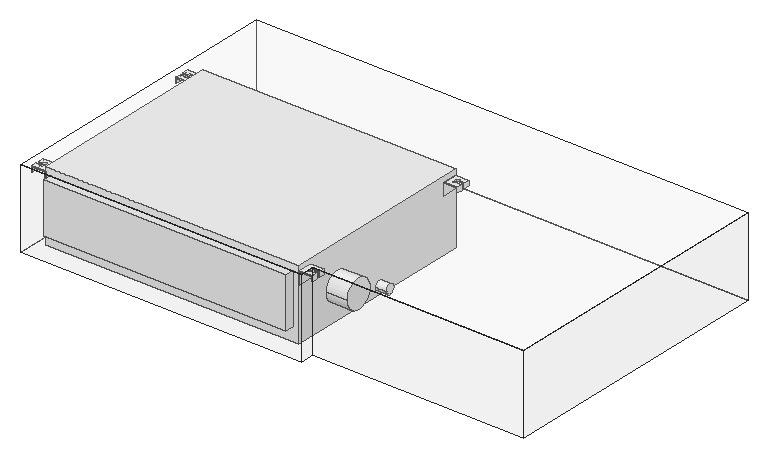
Revit family "pe-rp50_160da17_50Hz", category 機械設備, Revit 2019
Family settings
  丸型コネクタ寸法 = 直径を使用
  パーツ タイプ = 標準
  OmniClass 番号 = 23.75.10.24.21.27.27
  OmniClass タイトル = Split System Air Conditioning Units
  作業面ベース = いいえ
  常に垂直 = はい
  ロード時にボイドで切り取り = いいえ
  共有 = いいえ
  部屋計算ポイント = はい
Parameters (values of type "PE-RP50DA17_50Hz")
  風量（弱）（m3／min） = 12
  風量（中）（m3／min） = 14.5
  風量（m3／min） = 17
  風量 = MAX風量  # 1020.0 m³/h
  音響パワーレベル（弱）(dB) = 51
  音響パワーレベル（中）(dB) = 53
  音響パワーレベル(dB) = 56
  電源種別 = "一般"
  電圧_電気ヒーター = 0 V
  電圧 = 200 V
  電動機出力_送風機 = 0.085 kW
  運転質量 = 0.00 kg
  連動 = ""
  質量 = if(製品質量 > 運転質量, 製品質量, 運転質量) * 1.2  # 32.40 kg
  負荷分類 = 3_ファン類
  説明 = "空冷ヒートホ゜ンフ゜インハ゛ータPAC 天井埋込形"
  設計暖房能力 = 0 kW
  設計冷房能力_顕熱 = 0 kW
  設計冷房能力 = 0 kW
  設置方法 = "天井吊(隠ぺい)形"
  記号 = ""
  製造元 = "三菱電機株式会社"
  製品質量 = 27.00 kg
  製品出荷対象 = "国内"
  製品リリース年月 = "2021/5/10"
  製品グループ = ""
  系統 = ""
  符号 = "PAC-CID"
  積算_科目 = "1 空気調和設備"
  積算_拾い区分 = ""
  相_電気ヒーター = 1
  相 = 1
  盤記号 = ""
  発停方法 = ""
  特殊仕様 = ""
  火災停止 = ""
  消費電力_電気ヒーター = 0 kW
  消費電力_暖房 = 0.12 kW
  消費電力_加湿器 = 0 kW
  消費電力_冷房 = 0.12 kW
  消費電力 = if(消費電力_冷房 > 消費電力_暖房, 消費電力_冷房, 消費電力_暖房) + 消費電力_加湿器 + 消費電力_電気ヒーター  # 0.12 kW
  法定耐用年数 = "15"
  機外静圧 = 50.0 Pa
  製造番号 = ""
  極数 = 3
  材質 = "溶融亜鉛メッキ鋼板"
  本体マテリアル = 鋼、ペイント仕上げ、アイボリー、光沢
  有効加湿量 = 0
  暖房能力 = 5 kW
  推奨ブレーカー容量 = 15 A
  形式_加湿器 = ""
  形式 = "天井吊（隠ぺい）形（両ダクト形）"
  幹線記号 = ""
  始動方式 = "直入"
  呼称 = "パッケージ形空気調和機_室内機"
  周波数 = 50 Hz
  吊り位置Y = 643.00 mm
  吊り位置X = 954.00 mm
  加湿給水管径 = 0 mm
  分類コード = "50053003123080"
  分類グループ = ""
  冷房能力 = 4.5 kW
  冷媒高低圧ガス管径 = 0 mm
  冷媒管径符号 = "Ac"
  冷媒管径 = 100 mm
  冷媒液管径 = 6.35 mm
  冷媒ガス管径 = 12.7 mm
  価格 = 0
  企業コード = "108420"
  付属品_フィルター = ""
  付属品 = ""
  モデル = "PE-RP50DA17"
  ドレン管径 = 32 mm
  サービススペース = yes
  ケーブル種類 = ""
  ケーブルサイズ = 1.6 mm
  Width = 900.00 mm
  Version = ""
  Uniclass2015Version = "Systems v1.9"
  Uniclass2015Title = "Split coil remote air cooled condensing units"
  Uniclass2015Code = "Pr_70_65_03_84"
  URL = "https://www.mitsubishielectric.co.jp/ldg/wink/ssl/displayProduct.do?pid=310213"
  SpecificationReference = ""
  SpecificationDescription = ""
  SAサイズ_W = 860.00 mm
  SAサイズ_D = 178.00 mm
  Revision = ""
  RAサイズ_W = 858.00 mm
  RAサイズ_D = 210.00 mm
  ProductInformation = ""
  OmniClassCode = "23-751024212727"
  MIN風量 = 風量（弱）（m3／min） * 60.0 m³/h  # 720.0 m³/h
  MID風量 = 風量（中）（m3／min） * 60.0 m³/h  # 870.0 m³/h
  MAX風量 = 風量（m3／min） * 60.0 m³/h  # 1020.0 m³/h
  IfcTypeProduct = ""
  IfcProduct = ""
  IfcExportType = "AIRCONDITIONINGUNIT"
  IfcExportAs = "IfcUnitaryEquipmentType"
  Height = 250.00 mm
  Depth = 700.00 mm
  Author = "三菱電機株式会社"
Types (8, lengths in mm): name | 風量（弱）（m3／min） | 風量（中）（m3／min） | 風量（m3／min） | 風量 | 音響パワーレベル（弱）(dB) | 音響パワーレベル（中）(dB) | 音響パワーレベル(dB) | 電動機出力_送風機 | 質量 | 製品質量 | 消費電力_暖房 | 消費電力_冷房 | 消費電力 | 暖房能力 | 吊り位置X | 冷房能力 | 冷媒管径符号 | 冷媒液管径 | 冷媒ガス管径 | モデル | Width | URL | SAサイズ_W | RAサイズ_W | MIN風量 | MID風量 | MAX風量
  PE-RP50DA17_50Hz | 12 | 14.5 | 17 | 1020.0 m³/h | 51 | 53 | 56 | 0.085 kW | 32.40 kg | 27.00 kg | 0.12 kW | 0.12 kW | 0.12 kW | 5 kW | 954.00 | 4.5 kW | "Ac" | 6.35 | 12.7 | "PE-RP50DA17" | 900.00 | "https://www.mitsubishielectric.co.jp/ldg/wink/ssl/displayProduct.do?pid=310213" | 860.00 | 858.00 | 720.0 m³/h | 870.0 m³/h | 1020.0 m³/h
  PE-RP56DA17_50Hz | 12 | 14.5 | 17 | 1020.0 m³/h | 53 | 54 | 57 | 0.121 kW | 32.40 kg | 27.00 kg | 0.12 kW | 0.12 kW | 0.12 kW | 6.3 kW | 1154.00 | 5.6 kW | "Ac" | 6.35 | 12.7 | "PE-RP56DA17" | 1100.00 | "https://www.mitsubishielectric.co.jp/ldg/wink/ssl/displayProduct.do?pid=310214" | 1060.00 | 1058.00 | 720.0 m³/h | 870.0 m³/h | 1020.0 m³/h
  PE-RP63DA17_50Hz | 14.5 | 18 | 21 | 1260.0 m³/h | 55 | 56 | 59 | 0.121 kW | 34.80 kg | 29.00 kg | 0.16 kW | 0.16 kW | 0.16 kW | 8 kW | 1154.00 | 7.1 kW | "Bd" | 9.5 | 15.9 | "PE-RP63DA17" | 1100.00 | "https://www.mitsubishielectric.co.jp/ldg/wink/ssl/displayProduct.do?pid=310215" | 1060.00 | 1058.00 | 870.0 m³/h | 1080.0 m³/h | 1260.0 m³/h
  PE-RP71DA17_50Hz | 14.5 | 18 | 21 | 1260.0 m³/h | 60 | 61 | 63 | 0.244 kW | 34.80 kg | 29.00 kg | 0.22 kW | 0.22 kW | 0.22 kW | 14 kW | 1454.00 | 12.5 kW | "Bd" | 9.5 | 15.9 | "PE-RP71DA17" | 1400.00 | "https://www.mitsubishielectric.co.jp/ldg/wink/ssl/displayProduct.do?pid=310216" | 1360.00 | 1358.00 | 870.0 m³/h | 1080.0 m³/h | 1260.0 m³/h
  PE-RP80DA17_50Hz | 17.5 | 21 | 25 | 1500.0 m³/h | 55 | 56 | 59 | 0.121 kW | 34.80 kg | 29.00 kg | 0.22 kW | 0.22 kW | 0.22 kW | 8 kW | 1154.00 | 7.1 kW | "Bd" | 9.5 | 15.88 | "PE-RP80DA17" | 1100.00 | "https://www.mitsubishielectric.co.jp/ldg/wink/ssl/displayProduct.do?pid=310217" | 1060.00 | 1058.00 | 1050.0 m³/h | 1260.0 m³/h | 1500.0 m³/h
  PE-RP112DA17_50Hz | 24 | 29 | 34 | 2040.0 m³/h | 58 | 60 | 62 | 0.244 kW | 45.60 kg | 38.00 kg | 0.22 kW | 0.22 kW | 0.22 kW | 11.2 kW | 1454.00 | 10 kW | "Bd" | 9.5 | 15.88 | "PE-RP112DA17" | 1400.00 | "https://www.mitsubishielectric.co.jp/ldg/wink/ssl/displayProduct.do?pid=310218" | 1360.00 | 1358.00 | 1440.0 m³/h | 1740.0 m³/h | 2040.0 m³/h
  PE-RP140DA17_50Hz | 24 | 29 | 34 | 2040.0 m³/h | 60 | 61 | 63 | 0.244 kW | 45.60 kg | 38.00 kg | 0.22 kW | 0.22 kW | 0.22 kW | 14 kW | 1454.00 | 12.5 kW | "Bd" | 9.5 | 15.88 | "PE-RP140DA17" | 1400.00 | "https://www.mitsubishielectric.co.jp/ldg/wink/ssl/displayProduct.do?pid=310219" | 1360.00 | 1358.00 | 1440.0 m³/h | 1740.0 m³/h | 2040.0 m³/h
  PE-RP160DA17_50Hz | 24 | 29 | 34 | 2040.0 m³/h | 61 | 62 | 63 | 0.244 kW | 45.60 kg | 38.00 kg | 0.22 kW | 0.22 kW | 0.22 kW | 16 kW | 1454.00 | 14 kW | "Bd" | 9.5 | 15.88 | "PE-RP160DA17" | 1400.00 | "https://www.mitsubishielectric.co.jp/ldg/wink/ssl/displayProduct.do?pid=310220" | 1360.00 | 1358.00 | 1440.0 m³/h | 1740.0 m³/h | 2040.0 m³/h
Reference planes
  plane 1 "中心(正面/背面)": y = 0
  plane 2: z = 0
  plane 3 "中心(左/右)": x = 0
  plane 4: x = -450
  plane 5: x = 450
  plane 6: y = 350
  plane 7 "サービススペース_3": y = -350
  plane 8 "吹き出しダクトW_2": x = 430
  plane 9 "吹き出しダクトW_1": x = -430
  plane 10 "吹き出しダクトH_1": z = -23
  plane 11 "吹き出しダクトH_2": z = -201
  plane 12 "吸込み口W_2": x = 429
  plane 13 "吸込み口W_1": x = -429
  plane 14 "吸込み口H_1": z = -18
  plane 15 "吸込み口H_2": z = -228
  plane 16: z = -250
  plane 17 "吊り金具Y": z = -15
  plane 18: y = -214
  plane 19: y = -147
  plane 20: y = -112
  plane 21: y = 6
  plane 22: z = -41
  plane 23: z = -122
  plane 24: z = -155
  plane 25: z = -217
  plane 26 "吊り位置X_2": x = 477
  plane 27 "吊り位置X_1": x = -477
  plane 28 "最外形X_2": x = 500
  plane 29 "最外形X_1": x = -500
  plane 30: z = -137
  plane 31: y = -180.5
  plane 32: y = -382
  plane 33 "吊り位置Y_2": y = -325
  plane 34 "吊り位置Y_1": y = 318
  plane 35 "SS_D_1": y = -400
  plane 36 "サービススペース_1": x = 1250
  plane 37 "SS_D_2": y = 377
  plane 38 "SS_H_1": z = 10
  plane 39 "SS_H_2": z = -270
  plane 40: y = 125
  plane 41 "サービススペース_2": y = 650
Forms (mm)
  Extrusion 1, solid, detail levels fine
    sketch origin (0, 0, 0) x (1, 0, 0) y (0, 1, 0)
      loop
        line (-450, 350) -> (-450, -350) -> (450, -350) -> (450, 350) -> (-450, 350)
    from -250 to 0
  Extrusion 2, solid, detail levels fine
    sketch origin (0, 0, 0) x (1, 0, 0) y (0, 0, 1)
      loop
        line (-430, -23) -> (-430, -201) -> (430, -201) -> (430, -23) -> (-430, -23)
    from 350 to 382
  Extrusion 3, solid, detail levels fine
    sketch origin (0, 0, 0) x (1, 0, 0) y (0, 0, 1)
      loop
        line (429, -18) -> (-429, -18) -> (-429, -228) -> (429, -228) -> (429, -18)
    from -350 to -340
  Extrusion 4, solid, detail levels fine
    sketch origin (0, 0, 0) x (0, 1, 0) y (0, 0, 1)
      loop
        circle (-180.5, -137) r 50
    from 450 to 528
  Extrusion 5, solid, detail levels fine
    sketch origin (0, 0, 0) x (0, 1, 0) y (0, 0, 1)
      loop
        circle (6, -217) r 16
    from 450 to 490
Dimensions and locks
  "SAサイズ_W": plane 9 "吹き出しダクトW_1" to plane 8 "吹き出しダクトW_2"
  "Width": plane 4 to plane 5
  "Depth": plane 7 "サービススペース_3" to plane 6
  "Height": level to plane 16
  locked: plane 8 "吹き出しダクトW_2" to plane 5 at 20
  "RAサイズ_W": plane 13 "吸込み口W_1" to plane 12 "吸込み口W_2"
  locked: plane 12 "吸込み口W_2" to plane 5 at 21
  equal spacing: plane 4, plane 3 "中心(左/右)", plane 5
  locked: Extrusion 4 to Extrusion 4 at 78
  locked: Extrusion 5 to Extrusion 5 at 40
  plane 29 "最外形X_1" to plane 28 "最外形X_2" = 1000.00 mm
  equal spacing: plane 29 "最外形X_1", plane 3 "中心(左/右)", plane 28 "最外形X_2"
  "吊り位置X": plane 27 "吊り位置X_1" to plane 26 "吊り位置X_2"
  equal spacing: plane 27 "吊り位置X_1", plane 3 "中心(左/右)", plane 26 "吊り位置X_2"
  locked: plane 26 "吊り位置X_2" to plane 28 "最外形X_2" at 23
  plane 33 "吊り位置Y_2" to plane 32 = 57.00 mm
  locked: plane 5 to plane 36 "サービススペース_1" at 800
  plane 28 "最外形X_2" to plane 36 "サービススペース_1" = 750.00 mm
  "ドレン管径": diameter of Extrusion 5 sketch curve
  "冷媒管径": diameter of Extrusion 4 sketch curve
  aligned and locked: level to plane 2
  aligned and locked: plane 5 to Extrusion 1
  aligned and locked: Extrusion 1 to plane 4
  aligned and locked: plane 8 "吹き出しダクトW_2" to Extrusion 2
  aligned and locked: Extrusion 2 to plane 9 "吹き出しダクトW_1"
  aligned and locked: nested 2 to Extrusion 1
  aligned and locked: nested 1 to Extrusion 1
  aligned and locked: Extrusion 1 to nested 3
  aligned and locked: Extrusion 1 to nested 4
  aligned and locked: Extrusion 4 to plane 5
  aligned and locked: Extrusion 5 to plane 5
  aligned and locked: nested 5 to plane 26 "吊り位置X_2"
  aligned and locked: nested 1 to plane 34 "吊り位置Y_1"
  aligned and locked: plane 27 "吊り位置X_1" to nested 5
  aligned and locked: nested 5 to plane 34 "吊り位置Y_1"
  aligned and locked: plane 26 "吊り位置X_2" to nested 5
  aligned and locked: nested 5 to plane 33 "吊り位置Y_2"
  aligned and locked: nested 6 to plane 36 "サービススペース_1"
  aligned and locked: plane 41 "サービススペース_2" to nested 7
  aligned and locked: plane 35 "SS_D_1" to nested 7
  aligned and locked: plane 36 "サービススペース_1" to nested 7
  aligned and locked: plane 29 "最外形X_1" to nested 7
  aligned and locked: nested 7 to plane 38 "SS_H_1"
  aligned and locked: plane 28 "最外形X_2" to nested 7
Automatic sketch dimensions
  Extrusion 1 sketch curve to plane 4 = 0.00 mm
  Extrusion 1 sketch curve to plane 5 = 0.00 mm
  plane 7 "サービススペース_3" to Extrusion 1 sketch curve = 0.00 mm
  plane 6 to Extrusion 1 sketch curve = 0.00 mm
  Extrusion 2 sketch curve to plane 9 "吹き出しダクトW_1" = 0.00 mm
  Extrusion 2 sketch curve to plane 8 "吹き出しダクトW_2" = 0.00 mm
  Extrusion 2 sketch curve to plane 11 "吹き出しダクトH_2" = 0.00 mm
  Extrusion 2 sketch curve to plane 10 "吹き出しダクトH_1" = 0.00 mm
  plane 13 "吸込み口W_1" to Extrusion 3 sketch curve = 0.00 mm
  Extrusion 3 sketch curve to plane 12 "吸込み口W_2" = 0.00 mm
  Extrusion 3 sketch curve to plane 15 "吸込み口H_2" = 0.00 mm
  Extrusion 3 sketch curve to plane 14 "吸込み口H_1" = 0.00 mm
  plane 30 to Extrusion 4 sketch curve = 0.00 mm
  Extrusion 4 sketch curve to plane 31 = 0.00 mm
  Extrusion 5 sketch curve to plane 21 = 0.00 mm
  plane 25 to Extrusion 5 sketch curve = 0.00 mm
Nested families
  nested 1: "PE-RP-DA_LEG" at (450, 318, -15) x (0, -1, 0) z (0, 0, 1), type "PE-RP-DA_LEG", detail levels fine
  nested 2: "PE-RP-DA_LEG" at (450, -325, -15) x (0, -1, 0) z (0, 0, 1), type "PE-RP-DA_LEG", detail levels fine
  nested 3: "PE-RP-DA_LEG" at (-450, 318, -15) x (0, -1, 0) z (0, 0, 1), type "PE-RP-DA_LEG", detail levels fine
  nested 4: "PE-RP-DA_LEG" at (-450, -325, -15) x (0, -1, 0) z (0, 0, 1), type "PE-RP-DA_LEG", detail levels fine
  nested 5: "固定点" at (-477, -325, 0), type "固定点"
    with W 954.00 mm, D 643.00 mm
  nested 6: "点検口設置範囲" at (1000, 350, -270), type "点検口設置範囲"
    with Width 1000.00 mm, Depth 700.00 mm
  nested 7: "サービススペース" at (1000, 125, -130), type "サービススペース"
    with Width_1 1000.00 mm, Width 1750.00 mm, Height 280.00 mm, Depth 1050.00 mm
Connectors
  piping at (528, -180.5, -137), diameter 100, driven by "冷媒管径符号", driven by "冷媒管径"
    settings: on Extrusion 4, index 1, connector inside diameter 609.6 mm, connector length 0.00 mm, flow factor 0, pipe flow 0.0 L/s, pressure drop 0.0 Pa, fitting loss kfactor 0, connector angle 0.00°, fixture units 0, engagement length 0.00 mm, angle of deflection 0.00°, flow configuration 1, flow direction 1, fitting loss method 4, system type 7, joint type 0, gender type 0, connector reference index -1, connector utility 0, adjustable connector no, is connector primary yes, connector description "Ac"
  piping at (490, 6, -217), diameter 32, driven by "ドレン管径"
    settings: on Extrusion 5, index 2, connector inside diameter 609.6 mm, connector length 0.00 mm, flow factor 0, pipe flow 0.0 L/s, pressure drop 0.0 Pa, fitting loss kfactor 0, connector angle 0.00°, fixture units 0, engagement length 0.00 mm, angle of deflection 0.00°, flow configuration 1, flow direction 2, fitting loss method 4, system type 16, joint type 0, gender type 0, connector reference index -1, connector utility 0, adjustable connector no, is connector primary no, connector description ""
  electrical at (450, 0, -125), driven by "極数", driven by "電圧", driven by "消費電力", driven by "負荷分類"
    settings: on Extrusion 1, index 3, voltage 200 V, apparent load 120 VA, apparent load phase1 0 VA, apparent load phase2 0 VA, apparent load phase3 0 VA, power factor 1, load classification "3_ファン類", number of poles 3, system type 30, power factor state 1, is connector primary yes, connector utility no, sub classification motor no, connector description ""
  hvac at (0, -382, -112), driven by "SAサイズ_D", driven by "SAサイズ_W", driven by "機外静圧", driven by "風量"
    settings: on Extrusion 2, index 4, duct flow 1020.0 m³/h, flow factor 0, pres drop 50.0 Pa, loss coef 0, conn angle 0.00°, conn width 860 mm, conn height 178 mm, conn diameter 609.6 mm, duct sys type 29, conn prof type 1, flow config 0, flow direction 2, loss method 4, conn ref index -1, conn util no, is conn primary yes, conn desc ""
  hvac at (0, 350, -123), driven by "RAサイズ_D", driven by "RAサイズ_W", driven by "機外静圧", driven by "風量"
    settings: on Extrusion 3, index 5, duct flow 1020.0 m³/h, flow factor 0, pres drop 50.0 Pa, loss coef 0, conn angle 0.00°, conn width 858 mm, conn height 210 mm, conn diameter 609.6 mm, duct sys type 29, conn prof type 1, flow config 0, flow direction 1, loss method 4, conn ref index -1, conn util no, is conn primary no, conn desc ""
Definition of nested family "PE-RP-DA_LEG"
  Reference planes
    plane 1 "中心(正面/背面)": y = 0
    plane 2: z = 0
    plane 3 "中心(左/右)": x = 0
    plane 4: x = -6
    plane 5: x = 6
    plane 6: y = 33
    plane 7: y = 21
    plane 8: y = 27
    plane 9: x = 25
    plane 10: x = -25
  Forms (mm)
    Extrusion 1, solid
      sketch origin (0, 0, 0) x (1, 0, 0) y (0, 1, 0)
        loop
          line (-25, 0) -> (25, 0) -> (25, 50) -> (-25, 50) -> (-25, 0)
      from 0 to -44
    Extrusion 2, void
      sketch origin (-25, 20, 0) x (0, 1, 0) y (0, 0, 1)
        loop
          line (30, -44) -> (30, -18) -> (27, -18) -> (27, -3) -> (-17, -3) -> (-17, -44) -> (30, -44)
      from 0 to 50
    Extrusion 3, void
      sketch origin (0, 7, 0) x (1, 0, 0) y (0, 1, 0)
        loop
          line (-6, 14) -> (6, 14)
          arc (6, 14) -> (12, 20) -> (6, 26) r 6
          line (6, 26) -> (6, 43) -> (-6, 43) -> (-6, 26)
          arc (-6, 26) -> (-12, 20) -> (-6, 14) r 6
      from 0 to -45
  Cuts and joins
    Extrusion 2, Extrusion 3 cuts Extrusion 1
  Dimensions and locks
    plane 3 "中心(左/右)" to Extrusion 1 sketch curve = 25.00 mm
    Extrusion 1 sketch curve to Extrusion 1 sketch curve = 50.00 mm  (x2)
    Extrusion 1 to Extrusion 2 sketch curve = 3.00 mm  (x2)
    cut or joined group of Extrusion 1, Extrusion 2, Extrusion 3 to plane 8 = 23.00 mm
    cut or joined group of Extrusion 1, Extrusion 2, Extrusion 3 to plane 1 "中心(正面/背面)" = 50.00 mm
    aligned and locked: level to plane 2
Definition of nested family "サービススペース"
  Parameters (values of type "サービススペース")
    Width_1 [instance] = 450.00 mm
    Width [instance] = 500.00 mm
    Height [instance] = 500.00 mm
    Depth [instance] = 500.00 mm
  Reference planes
    plane 1 "中心(正面/背面)": y = 0
    plane 2: z = 0
    plane 3 "中心(左/右)": x = 0
    plane 4: y = -250
    plane 5: x = 250
    plane 6: y = 250
    plane 7: x = -250
    plane 8: z = 250
    plane 9: z = -250
    plane 10: x = 200
  Forms (mm)
    Extrusion 1, solid
      sketch origin (-638.939, 0, 72.39) x (1, 0, 0) y (0, 1, 0)
        loop
          line (388.939, 250) -> (388.939, -250) -> (838.939, -250) -> (838.939, -200) -> (888.939, -200) -> (888.939, 250) -> (388.939, 250)
      from -322.39 to 177.61
  Lines and regions (mm)
    symbolic lines
      curve 1: line (-250, 0, 250) -> (250, 0, 250)
      curve 2: line (-250, 0, -250) -> (-250, 0, 250)
      curve 3: line (250, 0, -250) -> (-250, 0, -250)
      curve 4: line (250, 0, 250) -> (250, 0, -250)
      curve 5: line (0, -250, 250) -> (0, 250, 250)
      curve 6: line (0, -250, -250) -> (0, -250, 250)
      curve 7: line (0, 250, -250) -> (0, -250, -250)
      curve 8: line (0, 250, 250) -> (0, 250, -250)
      curve 9: line (-250, 250, 0) -> (250, 250, 0)
      curve 10: line (-250, -250, 0) -> (-250, 250, 0)
      curve 11: line (200, -250, 0) -> (-250, -250, 0)
      curve 12: line (250, 250, 0) -> (250, -200, 0)
      curve 13: line (250, -200, 0) -> (200, -200, 0)
      curve 14: line (200, -200, 0) -> (200, -250, 0)
  Dimensions and locks
    equal spacing: plane 4, plane 1 "中心(正面/背面)", plane 6
    "Depth": plane 4 to plane 6
    "Width": plane 7 to plane 5
    equal spacing: plane 8, plane 2, plane 9
    "Height": plane 8 to plane 9
    "Width_1": plane 7 to plane 10
    aligned and locked: plane 9 to curve 3
    aligned and locked: plane 7 to curve 2
    aligned and locked: curve 4 to plane 5
    aligned and locked: plane 5 to Extrusion 1
    aligned and locked: Extrusion 1 to plane 7
    aligned and locked: Extrusion 1 to plane 9
    aligned and locked: plane 8 to Extrusion 1
    aligned and locked: plane 9 to curve 7
    aligned and locked: Extrusion 1 sketch curve to plane 10
  Automatic sketch dimensions
    curve 2 to plane 8 = 0.00 mm
    curve 7 to plane 4 = 0.00 mm
    curve 7 to plane 6 = 0.00 mm
    curve 6 to plane 8 = 0.00 mm
    Extrusion 1 sketch curve to plane 7 = 0.00 mm
    Extrusion 1 sketch curve to plane 5 = 0.00 mm
    plane 4 to Extrusion 1 sketch curve = 0.00 mm
    plane 6 to Extrusion 1 sketch curve = 0.00 mm
    Extrusion 1 sketch curve to plane 4 = 50.00 mm
    curve 11 to plane 7 = 0.00 mm
    curve 13 to plane 10 = 0.00 mm
    plane 4 to curve 14 = 0.00 mm
    plane 6 to curve 12 = 0.00 mm
    curve 13 to plane 4 = 50.00 mm
    curve 13 to plane 5 = 0.00 mm
Definition of nested family "固定点"
  Parameters (values of type "固定点")
    中心円 = 20.00 mm
    W [instance] = 954.00 mm
    D [instance] = 643.00 mm
  Reference planes
    plane 1 "中心(正面/背面)": y = 0
    plane 2: z = 0
    plane 3 "中心(左/右)": x = 0
    plane 4: x = 954
    plane 5: y = 643
  Lines and regions (mm)
    symbolic lines, detail levels fine
      curve 1: circle (0, 643, 0) r 10 normal (0, 0, 1)
      curve 2: circle (0, 0, 0) r 10 normal (0, 0, 1)
      curve 3: circle (954, 643, 0) r 10 normal (0, 0, 1)
      curve 4: circle (954, 0, 0) r 10 normal (0, 0, 1)
      curve 5: line (-200, 643, 0) -> (1154, 643, 0)
      curve 6: line (-200, 0, 0) -> (1154, 0, 0)
      curve 7: line (0, 843, 0) -> (0, -200, 0)
      curve 8: line (954, 843, 0) -> (954, -200, 0)
  Dimensions and locks
    "W": plane 3 "中心(左/右)" to plane 4
    "D": plane 1 "中心(正面/背面)" to plane 5
    "中心円": diameter of curve 1
    "中心円": diameter of curve 2
    "中心円": diameter of curve 3
    "中心円": diameter of curve 4
    aligned and locked: level to plane 2
    aligned and locked: plane 5 to curve 1
    aligned and locked: plane 3 "中心(左/右)" to curve 1
    aligned and locked: plane 3 "中心(左/右)" to curve 2
    aligned and locked: plane 1 "中心(正面/背面)" to curve 2
    aligned and locked: plane 4 to curve 3
    aligned and locked: plane 5 to curve 3
    aligned and locked: plane 1 "中心(正面/背面)" to curve 4
    aligned and locked: plane 4 to curve 4
    aligned and locked: plane 1 "中心(正面/背面)" to curve 6
    aligned and locked: curve 7 to plane 3 "中心(左/右)"
    aligned and locked: curve 8 to plane 4
  Automatic sketch dimensions
    curve 5 to plane 5 = 0.00 mm
    curve 6 to plane 3 "中心(左/右)" = 200.00 mm
    curve 5 to plane 3 "中心(左/右)" = 200.00 mm
    curve 4 to curve 6 = 200.00 mm
    curve 3 to curve 5 = 200.00 mm
    plane 1 "中心(正面/背面)" to curve 8 = 200.00 mm
    plane 1 "中心(正面/背面)" to curve 7 = 200.00 mm
    curve 3 to curve 8 = 200.00 mm
    curve 1 to curve 7 = 200.00 mm
Definition of nested family "点検口設置範囲"
  Parameters (values of type "点検口設置範囲")
    Width [instance] = 1000.00 mm
    Depth [instance] = 700.00 mm
  Reference planes
    plane 1 "中心(正面/背面)": y = 0
    plane 2: z = 0
    plane 3 "中心(左/右)": x = 0
    plane 4: x = -250
    plane 5: x = 250
    plane 6: y = 225
    plane 7: y = -225
  Lines and regions (mm)
    model lines
      curve 1: line (-250, 225, 0) -> (250, 225, 0)
      curve 2: line (-250, -225, 0) -> (-250, 225, 0)
      curve 3: line (250, -225, 0) -> (-250, -225, 0)
      curve 4: line (250, 225, 0) -> (250, -225, 0)
  Dimensions and locks
    plane 4 to plane 5 = 500.00 mm
    equal spacing: plane 4, plane 3 "中心(左/右)", plane 5
    equal spacing: plane 7, plane 1 "中心(正面/背面)", plane 6
    plane 7 to plane 6 = 450.00 mm
    aligned and locked: level to plane 2
    aligned and locked: curve 3 to plane 7
    aligned and locked: curve 4 to plane 5
    aligned and locked: plane 4 to curve 2
    aligned and locked: plane 6 to curve 1
